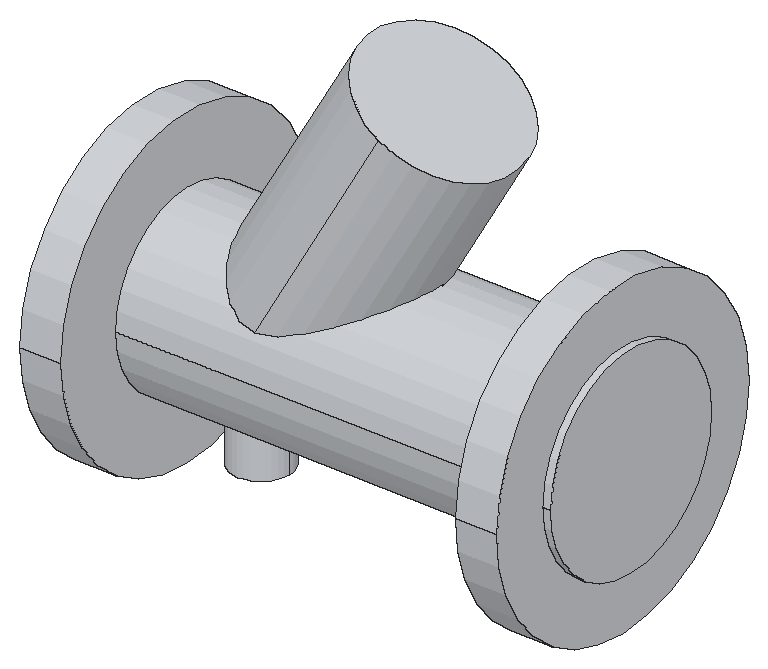
Revit family "HS 821-síto_jemné-PN25-DN065-RFA_2018", category Pipe Accessories, Revit 2018
Family settings
  Round Connector Dimension = Use Diameter
  Part Type = Breaks Into
  Work Plane-Based = No
  Always vertical = Yes
  Cut with Voids When Loaded = No
  Shared = No
Parameters (values of type "821D-DN065-PN25-síto_jemné")
  magiProductId = "767b0f8318e94750bc7a9930ed5b30"
  magiProductFamilyId = "79214ac3aaa945e397802f559f5c1e"
  magiPartTypeId = 307
  isMeasuringValve [instance] = no
  ang2D [instance] = 0.00°
  ZB__ve = -ZB  # -29.75 mm
  ZB1 = 47.79 mm
  ZB = 29.75 mm
  X2 = 86.927 mm
  X1 = 40.6 mm
  W2D = 15 mm
  VersionID = "2.0/2017.9.26.1/ZETKAMA_821_001"
  Use Minimum Symbol Size [instance] = yes
  URL = "www.hydronic.cz"
  Type Comments = "Filtr přírubový; síto jemné; A-PN16 (-10~300°C); D-PN25 (-10~350°C); F-PN40 (-10~400°C)"
  S = 118 mm
  QmdConnectorList = "301;D;302;D"
  Productdata [instance] = ""
  Manufacturer = "Hydronic Systems Prague s.r.o."
  MC Product Code = "210 265 (821D; DN065; PN25; kvs95,1; oko síta 0,63mm)"
  LM1 = 23.2 mm
  LM = 232 mm
  L4 = 72.5 mm
  L2D_Min = 3048 mm
  L2D = 130 mm
  L2 = 145 mm
  HH2 = 150.562 mm
  FD = 185 mm
  Description = "Filtr přírubový; síto jemné; 821A-PN16; 821D-PN25; 821F-PN40"
  DM1 = 94.2 mm
  DM = 106.2 mm
  D = 65 mm
  CC = 4.93 mm
  CAT0 = yes
  C1 = 24.07 mm
  C = 29 mm
  BD = 33.453 mm
Types (40, lengths in mm): name | magiProductId | ZB__ve | ZB1 | ZB | X2 | X1 | S | MC Product Code | LM1 | LM | L4 | L2 | HH2 | FD | DM1 | DM | D | CC | C1 | C | BD
  821A-DN015-PN16-síto_jemné | "a71bcfe8b393460598b23e8ddf7dc5" | -16.25 | 18.63 | 16.25 | 46.982 | 18.2 | 46 | "210 115 (821A; DN015; PN16; kvs6,2; oko síta 0,63mm)" | 10.4 | 104 | 32.5 | 65 | 81.375 | 95 | 27.6 | 41.4 | 15 | 2.21 | 10.79 | 13 | 13.041
  821A-DN020-PN16-síto_jemné | "41cd6c7a12924f4991217528336076" | -17.75 | 22.68 | 17.75 | 51.673 | 21 | 56 | "210 120 (821A; DN020; PN16; kvs9,6; oko síta 0,63mm)" | 12 | 120 | 37.5 | 75 | 89.5 | 105 | 33.6 | 50.4 | 20 | 2.55 | 12.45 | 15 | 15.876
  821A-DN025-PN16-síto_jemné | "be378b463ed14c3abf4c9b3ae8cf3a" | -19.25 | 26.325 | 19.25 | 58.601 | 22.4 | 65 | "210 125 (821A; DN025; PN16; kvs14,2; oko síta 0,63mm)" | 12.8 | 128 | 40 | 80 | 101.5 | 115 | 43.2 | 58.5 | 25 | 2.72 | 13.28 | 16 | 18.427
  821A-DN032-PN16-síto_jemné | "227a0d18b21540afabe8b6067d35fa" | -23 | 30.78 | 23 | 68.849 | 25.2 | 76 | "210 132 (821A; DN032; PN16; kvs23,1; oko síta 0,63mm)" | 14.4 | 144 | 45 | 90 | 119.25 | 140 | 50.4 | 68.4 | 32 | 3.06 | 14.94 | 18 | 21.546
  821A-DN040-PN16-síto_jemné | "d106917c74724141a10440112d0102" | -24.5 | 34.02 | 24.5 | 75.777 | 28 | 84 | "210 140 (821A; DN040; PN16; kvs36,6; oko síta 0,63mm)" | 16 | 160 | 50 | 100 | 131.25 | 150 | 60 | 75.6 | 40 | 3.4 | 16.6 | 20 | 23.814
  821A-DN050-PN16-síto_jemné | "8255d456a09e4f6486734f5dd9171b" | -26.75 | 40.095 | 26.75 | 79.061 | 32.2 | 99 | "210 150 (821A; DN050 PN16; kvs53,7; oko síta 0,63mm)" | 18.4 | 184 | 57.5 | 115 | 136.938 | 165 | 73.8 | 89.1 | 50 | 3.91 | 19.09 | 23 | 28.066
  821A-DN065-PN16-síto_jemné | "235b1b3e4c0843779a4d5e3716d40a" | -29.75 | 47.79 | 29.75 | 86.927 | 40.6 | 118 | "210 165 (821A; DN065; PN16; kvs95,1; oko síta 0,63mm)" | 23.2 | 232 | 72.5 | 145 | 150.562 | 185 | 94.2 | 106.2 | 65 | 4.93 | 24.07 | 29 | 33.453
  821A-DN080-PN16-síto_jemné | "a067f7c5236348ed8c820d16df7214" | -32 | 53.46 | 32 | 104.753 | 43.4 | 132 | "210 180 (821A; DN080; PN16; kvs137,1; oko síta 0,63mm)" | 24.8 | 248 | 77.5 | 155 | 181.438 | 200 | 107.4 | 118.8 | 80 | 5.27 | 25.73 | 31 | 37.422
  821A-DN100-PN16-síto_jemné | "c49a648c2747461285837d643703cd" | -35 | 63.18 | 35 | 114.857 | 49 | 156 | "210 190 (821A; DN100; PN16; kvs206,4; oko síta 0,63mm)" | 28 | 280 | 87.5 | 175 | 198.937 | 220 | 131.4 | 140.4 | 100 | 5.95 | 29.05 | 35 | 44.226
  821A-DN125-PN16-síto_jemné | "bf68e728a163493cbd2a663b26ebdc" | -39.5 | 74.52 | 39.5 | 131.888 | 56 | 184 | "210 191 (821A; DN125; PN16; kvs268,8; oko síta 0,63mm)" | 32 | 320 | 100 | 200 | 228.438 | 250 | 165 | 165.6 | 125 | 6.8 | 33.2 | 40 | 52.164
  821A-DN150-PN16-síto_jemné | "2de770284b654863ae6bc865769dc5" | -44.75 | 85.455 | 44.75 | 155.885 | 67.2 | 211 | "210 192 (821A; DN150; PN16; kvs401,4; oko síta 0,63mm)" | 38.4 | 384 | 120 | 240 | 270 | 285 | 192 | 189.9 | 150 | 8.16 | 39.84 | 48 | 59.818
  821A-DN200-PN16-síto_jemné | "8e5693371ab64aabb29a7f08c76e15" | -53 | 107.73 | 53 | 188.361 | 84 | 266 | "210 193 (821A; DN200; PN16; kvs706,7; oko síta 0,63mm)" | 48 | 480 | 150 | 300 | 326.25 | 340 | 252 | 239.4 | 200 | 10.2 | 49.8 | 60 | 75.411
  821A-DN250-PN16-síto_jemné | "05e37ed948c34047acdd4c42556504" | -62.75 | 129.195 | 62.75 | 255.911 | 102.2 | 319 | "210 194 (821A; DN250; PN16; kvs1229,4; oko síta 0,63mm)" | 58.4 | 584 | 182.5 | 365 | 443.25 | 405 | 309.6 | 287.1 | 250 | 12.41 | 60.59 | 73 | 90.436
  821A-DN300-PN16-síto_jemné | "9ad0af747269428da925480d83ce80" | -71 | 149.85 | 71 | 325.914 | 119 | 370 | "210 195 (821A; DN300; PN16; kvs1902,4; oko síta 0,63mm)" | 68 | 680 | 212.5 | 425 | 564.5 | 460 | 369.6 | 333 | 300 | 14.45 | 70.55 | 85 | 104.895
  821A-DN350-PN16-síto_jemné | "eebc71459bb3451bb4355e7951370a" | -80 | 173.745 | 80 | 356.875 | 137.2 | 429 | "200 196 (821A; DN350; PN16; kvs2611,0; oko síta 0,63mm)" | 78.4 | 784 | 245 | 490 | 618.125 | 520 | 438 | 386.1 | 350 | 16.66 | 81.34 | 98 | 121.621
  821A-DN400-PN16-síto_jemné | "d2f677cb196647e385b2590e7d8abe" | -89 | 194.4 | 89 | 392.237 | 154 | 480 | "210 197 (821A; DN400; PN16; kvs3438,4; oko síta 0,63mm)" | 88 | 880 | 275 | 550 | 679.375 | 580 | 498 | 432 | 400 | 18.7 | 91.3 | 110 | 136.08
  821D-DN015-PN25-síto_jemné | "27ddcbf555414f8ca1fde329bf9087" | -16.25 | 18.63 | 16.25 | 46.982 | 18.2 | 46 | "210 215 (821D; DN015; PN25; kvs6,2; oko síta 0,63mm)" | 10.4 | 104 | 32.5 | 65 | 81.375 | 95 | 27.6 | 41.4 | 15 | 2.21 | 10.79 | 13 | 13.041
  821D-DN020-PN25-síto_jemné | "270e0f14012f47189cd0235c18faee" | -17.75 | 22.68 | 17.75 | 51.673 | 21 | 56 | "210 220 (821D; DN020; PN25; kvs9,6; oko síta 0,63mm)" | 12 | 120 | 37.5 | 75 | 89.5 | 105 | 33.6 | 50.4 | 20 | 2.55 | 12.45 | 15 | 15.876
  821D-DN025-PN25-síto_jemné | "b9a7fb4aa36643878c637d8e1ab992" | -19.25 | 26.325 | 19.25 | 58.601 | 22.4 | 65 | "210 225 (821D; DN025; PN25; kvs14,2; oko síta 0,63mm)" | 12.8 | 128 | 40 | 80 | 101.5 | 115 | 43.2 | 58.5 | 25 | 2.72 | 13.28 | 16 | 18.427
  821D-DN032-PN25-síto_jemné | "6be9a55c4e68400f94eec7e804204c" | -23 | 30.78 | 23 | 68.849 | 25.2 | 76 | "210 232 (821D; DN032; PN25; kvs23,1; oko síta 0,63mm)" | 14.4 | 144 | 45 | 90 | 119.25 | 140 | 50.4 | 68.4 | 32 | 3.06 | 14.94 | 18 | 21.546
  821D-DN040-PN25-síto_jemné | "c54511bd7f584ec2984291479612cb" | -24.5 | 34.02 | 24.5 | 75.777 | 28 | 84 | "210 240 (821D; DN040; PN25; kvs36,6; oko síta 0,63mm)" | 16 | 160 | 50 | 100 | 131.25 | 150 | 60 | 75.6 | 40 | 3.4 | 16.6 | 20 | 23.814
  821D-DN050-PN25-síto_jemné | "5483b1f596b04cd39b23a14a22c90e" | -26.75 | 40.095 | 26.75 | 79.061 | 32.2 | 99 | "210 250 (821D; DN050; PN25; kvs53,7; oko síta 0,63mm)" | 18.4 | 184 | 57.5 | 115 | 136.938 | 165 | 73.8 | 89.1 | 50 | 3.91 | 19.09 | 23 | 28.066
  821D-DN065-PN25-síto_jemné | "767b0f8318e94750bc7a9930ed5b30" | -29.75 | 47.79 | 29.75 | 86.927 | 40.6 | 118 | "210 265 (821D; DN065; PN25; kvs95,1; oko síta 0,63mm)" | 23.2 | 232 | 72.5 | 145 | 150.562 | 185 | 94.2 | 106.2 | 65 | 4.93 | 24.07 | 29 | 33.453
  821D-DN080-PN25-síto_jemné | "e21040fa3cc2404b858198f6b73709" | -32 | 53.46 | 32 | 104.753 | 43.4 | 132 | "210 280 (821D; DN080; PN25; kvs137,1; oko síta 0,63mm)" | 24.8 | 248 | 77.5 | 155 | 181.438 | 200 | 107.4 | 118.8 | 80 | 5.27 | 25.73 | 31 | 37.422
  821D-DN100-PN25-síto_jemné | "175ca87a506b40b3bc6b82f12f33cf" | -37.25 | 63.18 | 37.25 | 114.857 | 49 | 156 | "210 290 (821D; DN100; PN25; kvs206,4; oko síta 0,63mm)" | 28 | 280 | 87.5 | 175 | 198.937 | 235 | 131.4 | 140.4 | 100 | 5.95 | 29.05 | 35 | 44.226
  821D-DN125-PN25-síto_jemné | "77cc98d60da24855999a22dff726b2" | -42.5 | 74.52 | 42.5 | 131.888 | 56 | 184 | "210 291 (821D; DN125; PN25; kvs268,8; oko síta 0,63mm)" | 32 | 320 | 100 | 200 | 228.438 | 270 | 165 | 165.6 | 125 | 6.8 | 33.2 | 40 | 52.164
  821D-DN150-PN25-síto_jemné | "9cf8acfcd15547d68e83172d3abcbe" | -47 | 85.455 | 47 | 155.885 | 67.2 | 211 | "210 292 (821D; DN150; PN25; kvs401,4; oko síta 0,63mm)" | 38.4 | 384 | 120 | 240 | 270 | 300 | 192 | 189.9 | 150 | 8.16 | 39.84 | 48 | 59.818
  821D-DN200-PN25-síto_jemné | "16973f3c9ea14389ba8602495a6b64" | -56 | 110.97 | 56 | 188.361 | 84 | 274 | "210 293 (821D; DN200; PN25; kvs706,7; oko síta 0,63mm)" | 48 | 480 | 150 | 300 | 326.25 | 360 | 252 | 246.6 | 200 | 10.2 | 49.8 | 60 | 77.679
  821F-DN015-PN40-síto_jemné | "4c7eaf3c4c0340888b3e684d8a8616" | -16.25 | 18.225 | 16.25 | 46.982 | 18.2 | 45 | "250 615 (821F; DN015; PN40; kvs6,2; oko síta 0,63mm)" | 10.4 | 104 | 32.5 | 65 | 81.375 | 95 | 27.6 | 40.5 | 15 | 2.21 | 10.79 | 13 | 12.757
  821F-DN020-PN40-síto_jemné | "aaac5f1ec96b44d6ba96ac2293d66d" | -17.75 | 23.49 | 17.75 | 51.673 | 21 | 58 | "250 620 (821F; DN020; PN40; kvs9,6; oko síta 0,63mm)" | 12 | 120 | 37.5 | 75 | 89.5 | 105 | 33.6 | 52.2 | 20 | 2.55 | 12.45 | 15 | 16.443
  821F-DN025-PN40-síto_jemné | "504768023968471481789485b54c7e" | -19.25 | 27.54 | 19.25 | 58.601 | 22.4 | 68 | "250 625 (821F; DN025; PN40; kvs14,2; oko síta 0,63mm)" | 12.8 | 128 | 40 | 80 | 101.5 | 115 | 43.2 | 61.2 | 25 | 2.72 | 13.28 | 16 | 19.278
  821F-DN032-PN40-síto_jemné | "165e7f39cf744f329bdf1c400dad12" | -23 | 31.59 | 23 | 68.849 | 25.2 | 78 | "250 632 (821F; DN032; PN40; kvs23,1; oko síta 0,63mm)" | 14.4 | 144 | 45 | 90 | 119.25 | 140 | 50.4 | 70.2 | 32 | 3.06 | 14.94 | 18 | 22.113
  821F-DN040-PN40-síto_jemné | "b8903f952089408fbf3a5a632bab1f" | -24.5 | 35.64 | 24.5 | 75.777 | 28 | 88 | "250 640 (821F; DN040; PN40; kvs36,6; oko síta 0,63mm)" | 16 | 160 | 50 | 100 | 131.25 | 150 | 60 | 79.2 | 40 | 3.4 | 16.6 | 20 | 24.948
  821F-DN050-PN40-síto_jemné | "c451f97266fe48da8f879cb6a2bd44" | -26.75 | 41.31 | 26.75 | 79.061 | 32.2 | 102 | "250 650 (821F; DN050; PN40; kvs53,7; oko síta 0,63mm)" | 18.4 | 184 | 57.5 | 115 | 136.938 | 165 | 73.8 | 91.8 | 50 | 3.91 | 19.09 | 23 | 28.917
  821F-DN065-PN40-síto_jemné | "dc9821e3f9b34e128f6a8c6b34c198" | -29.75 | 49.41 | 29.75 | 86.927 | 40.6 | 122 | "250 665 (821F; DN065; PN40; kvs95,1; oko síta 0,63mm)" | 23.2 | 232 | 72.5 | 145 | 150.562 | 185 | 94.2 | 109.8 | 65 | 4.93 | 24.07 | 29 | 34.587
  821F-DN080-PN40-síto_jemné | "689aa1e260f84cf4994f027a1d86b5" | -32 | 55.89 | 32 | 104.753 | 43.4 | 138 | "250 680 (821F; DN080; PN40; kvs137,1; oko síta 0,63mm)" | 24.8 | 248 | 77.5 | 155 | 181.438 | 200 | 107.4 | 124.2 | 80 | 5.27 | 25.73 | 31 | 39.123
  821F-DN100-PN40-síto_jemné | "8a45d4e8e2ab425f8c432f21d684f3" | -37.25 | 65.61 | 37.25 | 114.857 | 49 | 162 | "250 690 (821F; DN100; PN40; kvs206,4; oko síta 0,63mm)" | 28 | 280 | 87.5 | 175 | 198.937 | 235 | 131.4 | 145.8 | 100 | 5.95 | 29.05 | 35 | 45.927
  821F-DN125-PN40-síto_jemné | "cf073904c006406b8645afa67ea2fc" | -42.5 | 76.14 | 42.5 | 131.888 | 56 | 188 | "250 691 (821F; DN125; PN40; kvs268,8; oko síta 0,63mm)" | 32 | 320 | 100 | 200 | 228.438 | 270 | 165 | 169.2 | 125 | 6.8 | 33.2 | 40 | 53.298
  821F-DN150-PN40-síto_jemné | "0153b9ddabe14992a630484929fdbc" | -47 | 88.29 | 47 | 155.885 | 67.2 | 218 | "250 692 (821F; DN150; PN40; kvs401,4; oko síta 0,63mm)" | 38.4 | 384 | 120 | 240 | 270 | 300 | 192 | 196.2 | 150 | 8.16 | 39.84 | 48 | 61.803
  821F-DN200-PN40-síto_jemné | "7fb3fc01dd8d42428c203e3f8dd4d5" | -56 | 115.425 | 56 | 188.361 | 84 | 285 | "250 693 (821F; DN200; PN40; kvs706,7; oko síta 0,63mm)" | 48 | 480 | 150 | 300 | 326.25 | 360 | 252 | 256.5 | 200 | 10.2 | 49.8 | 60 | 80.797
Reference planes
  plane 1 "Center (Front/Back)": y = 0
  plane 2 "XYPLANE": z = 0
  plane 3 "Center (Left/Right)": x = 0
  plane 4 "109": x = -92.8
  plane 5 "108": x = 116
  plane 6 "107": x = -116
  plane 7 "105": x = 145
  plane 8 "104": x = -145
  plane 9 "103": y = 0
  plane 10 "102": z = 0
  plane 11 "101": x = -140.07
  plane 12 "100": x = 140.07
  plane 13 "11": x = -52.2
  plane 14 "10": z = 150.562
  plane 15 "9": x = 34.727
  plane 16 "5": z = -47.79
  plane 17 "4": x = -72.5
  plane 18 "1": x = 72.5
Forms (mm)
  Extrusion 1, solid, visible <- "CAT0"
    sketch origin (-116, -750, 0) x (0, 1, 0) y (0, 0, 1)
      loop
        circle (750, 0) r 53.1
    from 0 to 232 <- "LM"
  Extrusion 2, solid
    sketch origin (-145, -750, 0) x (0, 1, 0) y (0, 0, 1)
      loop
        circle (750, 0) r 59
    from 0 to 4.93 <- "CC"
  Extrusion 3, solid
    sketch origin (-140.07, -750, 0) x (0, 1, 0) y (0, 0, 1)
      loop
        circle (750, 0) r 92.5
    from 0 to 24.07 <- "C1"
  Extrusion 4, solid
    sketch origin (116, -750, 0) x (0, 1, 0) y (0, 0, 1)
      loop
        circle (750, 0) r 92.5
    from 0 to 24.07 <- "C1"
  Extrusion 5, solid
    sketch origin (140.07, -750, 0) x (0, 1, 0) y (0, 0, 1)
      loop
        circle (750, 0) r 59
    from 0 to 4.93 <- "CC"
  Sweep 6, solid, visible <- "CAT0"
    path origin (750, 0, 0) x (-1, 0, 0) y (0, 0, 1)
      loop
        line (866, 0) -> (802.2, 0) -> (715.273, 150.562)
    profile origin (-116, 0, 0) x (0, 0, -1) y (0, 1, 0)
      loop
        circle (0, 0) r 47.1
  Extrusion 7, solid, visible <- "CAT0"
    sketch origin (-750, 0, -47.79) x (1, 0, 0) y (0, 1, 0)
      loop
        circle (677.5, 0) r 16.726
    from 0 to -29.75 <- "ZB__ve"
  Extrusion 8, solid, visible <- "CAT0"
    sketch origin (-750, 0, -47.79) x (1, 0, 0) y (0, 1, 0)
      loop
        circle (822.5, 0) r 16.726
    from 0 to -29.75 <- "ZB__ve"
  Extrusion 9, solid, not visible
    sketch origin (145, -750, 0) x (0, 1, 0) y (0, 0, 1)
      loop
        circle (750, 0) r 10
    from 0 to -10
  Extrusion 10, solid, not visible
    sketch origin (-145, -750, 0) x (0, 1, 0) y (0, 0, 1)
      loop
        circle (750, 0) r 10
    from 0 to 10
Lines and regions (mm)
  reference lines, not visible
    curve 1: circle (2, 2, 0) r 1 normal (0, 0, 1)
Dimensions and locks
  plane 1 "Center (Front/Back)" to curve 1 = 2 mm
  "LM1": plane 6 "107" to plane 4 "109"
  "LM": plane 6 "107" to plane 5 "108"
  "C": plane 8 "104" to plane 6 "107"
  "L2": plane 3 "Center (Left/Right)" to plane 7 "105"
  "L2": plane 3 "Center (Left/Right)" to plane 8 "104"
  locked: plane 1 "Center (Front/Back)" to plane 9 "103"
  locked: plane 2 "XYPLANE" to plane 10 "102"
  "CC": plane 8 "104" to plane 11 "101"
  "C1": plane 5 "108" to plane 12 "100"
  "X1": plane 4 "109" to plane 13 "11"
  "HH2": plane 2 "XYPLANE" to plane 14 "10"
  "X2": plane 13 "11" to plane 15 "9"
  "ZB1": plane 2 "XYPLANE" to plane 16 "5"
  "L4": plane 8 "104" to plane 17 "4"
  "L2": plane 17 "4" to plane 18 "1"
  Sweep 6 sketch curve to Sweep 6 sketch curve = 0 mm  (x2)
  "DM": diameter of Extrusion 1 sketch curve
  "S": diameter of Extrusion 2 sketch curve
  "FD": diameter of Extrusion 3 sketch curve
  "FD": diameter of Extrusion 4 sketch curve
  "S": diameter of Extrusion 5 sketch curve
  "DM1": diameter of Sweep 6 sketch curve
  "BD": diameter of Extrusion 7 sketch curve
  "BD": diameter of Extrusion 8 sketch curve
  aligned and locked: level to plane 2 "XYPLANE"
  aligned and locked: Extrusion 1 sketch curve to plane 9 "103"
  aligned and locked: plane 10 "102" to Extrusion 1 sketch curve
  aligned and locked: Extrusion 2 sketch curve to plane 9 "103"
  aligned and locked: plane 10 "102" to Extrusion 2 sketch curve
  aligned and locked: Extrusion 3 sketch curve to plane 9 "103"
  aligned and locked: plane 10 "102" to Extrusion 3 sketch curve
  aligned and locked: Extrusion 4 sketch curve to plane 9 "103"
  aligned and locked: plane 10 "102" to Extrusion 4 sketch curve
  aligned and locked: Extrusion 5 sketch curve to plane 9 "103"
  aligned and locked: plane 10 "102" to Extrusion 5 sketch curve
  aligned and locked: Sweep 6 sketch curve to plane 9 "103"
  aligned and locked: plane 10 "102" to Sweep 6 sketch curve  (x3)
  aligned and locked: plane 6 "107" to Sweep 6 sketch curve
  aligned and locked: plane 13 "11" to Sweep 6 sketch curve
  aligned and locked: plane 14 "10" to Sweep 6 sketch curve
  aligned and locked: plane 15 "9" to Sweep 6 sketch curve
  aligned and locked: plane 9 "103" to Extrusion 7 sketch curve
  aligned and locked: plane 17 "4" to Extrusion 7 sketch curve
  aligned and locked: plane 9 "103" to Extrusion 8 sketch curve
  aligned and locked: plane 18 "1" to Extrusion 8 sketch curve
  aligned and locked: Extrusion 9 sketch curve to plane 9 "103"
  aligned and locked: plane 10 "102" to Extrusion 9 sketch curve
  aligned and locked: Extrusion 10 sketch curve to plane 9 "103"
  aligned and locked: plane 10 "102" to Extrusion 10 sketch curve
Automatic sketch dimensions
  plane 1 "Center (Front/Back)" to Extrusion 9 sketch curve = 10 mm
  plane 1 "Center (Front/Back)" to Extrusion 10 sketch curve = 10 mm
  plane 3 "Center (Left/Right)" to curve 1 = 2 mm
  radius of curve 1 = 1 mm
Connectors
  piping at (-145, 0, 0), diameter 65, driven by "D"
    settings: on Extrusion 10, index 1, connector inside diameter 609.6 mm, connector length 0 mm, flow factor 0, pipe flow 0.0 L/s, pressure drop 0.0 Pa, fitting loss kfactor 0, connector angle 0.00°, fixture units 0, engagement length 0 mm, angle of deflection 0.00°, flow configuration 0, flow direction 0, fitting loss method 0, system type 29, joint type 0, gender type 0, connector reference index 2, connector utility 0, adjustable connector no, is connector primary yes, connector description ""
  piping at (145, 0, 0), diameter 65, driven by "D"
    settings: on Extrusion 9, index 2, connector inside diameter 609.6 mm, connector length 0 mm, flow factor 0, pipe flow 0.0 L/s, pressure drop 0.0 Pa, fitting loss kfactor 0, connector angle 0.00°, fixture units 0, engagement length 0 mm, angle of deflection 0.00°, flow configuration 0, flow direction 0, fitting loss method 0, system type 29, joint type 0, gender type 0, connector reference index 1, connector utility 0, adjustable connector no, is connector primary no, connector description ""
